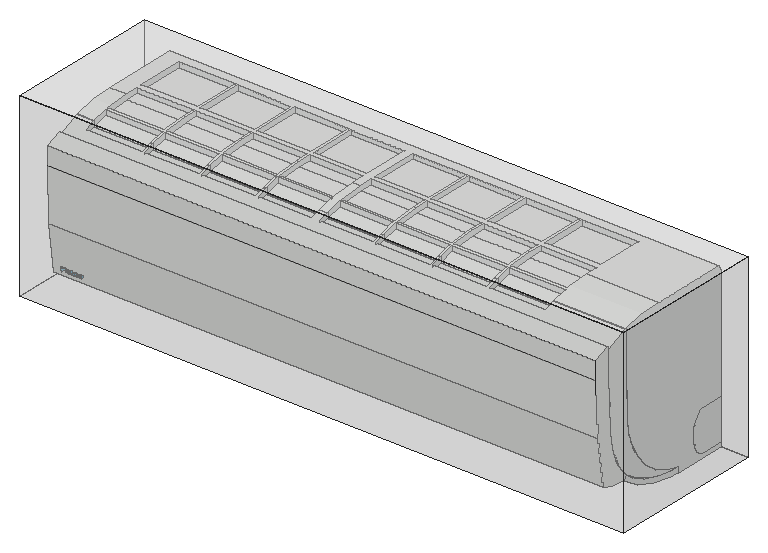
Revit family "outputfile", category 機械設備, Revit 2024
Family settings
  丸型コネクタ寸法 = 半径を使用
  パーツ タイプ = 標準
  OmniClass 番号 = 23.75.10.24.21.27.27
  OmniClass タイトル = Split System Air Conditioning Units
  作業面ベース = いいえ
  常に垂直 = はい
  ロード時にボイドで切り取り = いいえ
  注釈の向きを維持 = いいえ
  共有 = いいえ
  部屋計算ポイント = いいえ
Parameters (values of type "FTKC50TVM4")
  Description = ""
  書き出し IFC クラス(タイプ) = "IfcUnitaryEquipmentType"
  定義済み IFC タイプ(タイプ) = "AIRCONDITIONINGUNIT"
  Cost = 0
  Type Comments = ""
  Keynote = ""
  Type Image = (empty or 0)
  Assembly Code = ""
  w_wall hole = if(Width = 770.0 mm, 48.0 mm, 60.0 mm)  # 60.0 mm
  製造元 = "Daikin"
  モデル = "FTKC50TVM4"
  switch_frequency = yes
  r_Liquid Pipe Size = Liquid Pipe Size / 2  # 3.2 mm
  r_Gas Pipe Size = Gas Pipe Size / 2  # 6.35 mm
  r_Drain Pipe Size = Drain Pipe Size / 2  # 8.0 mm
  lw_powersupply [instance] = if(Width = 770.0 mm, if(or(Rear Right Connection_refrigerant, Bottom Right Connection_refrigerant), 30.0 mm, if(or(Rear Left Connection_refrigerant, Bottom Left Connection_refrigerant), 740.0 mm, 385.0 mm)), if(Width = 990.0 mm, if(or(Rear Right Connection_refrigerant, Bottom Right Connection_refrigerant), 80.0 mm, if(or(Rear Left Connection_refrigerant, Bottom Left Connection_refrigerant), 920.0 mm, 495.0 mm)), if(or(Rear Right Connection_refrigerant, Bottom Right Connection_refrigerant), 80.0 mm, if(or(Rear Left Connection_refrigerant, Bottom Left Connection_refrigerant), 920.0 mm, 495.0 mm))))  # 495.0 mm
  lw_liquidpipe [instance] = if(Width = 770.0 mm, if(or(Rear Right Connection_refrigerant, Bottom Right Connection_refrigerant), 0.0 mm, if(or(Rear Left Connection_refrigerant, Bottom Left Connection_refrigerant), 674.0 mm, 400.0 mm)), if(Width = 990.0 mm, if(or(Rear Right Connection_refrigerant, Bottom Right Connection_refrigerant), 9.0 mm, if(or(Rear Left Connection_refrigerant, Bottom Left Connection_refrigerant), 871.0 mm, 475.0 mm)), if(or(Rear Right Connection_refrigerant, Bottom Right Connection_refrigerant), 9.0 mm, if(or(Rear Left Connection_refrigerant, Bottom Left Connection_refrigerant), 871.0 mm, 475.0 mm))))  # 475.0 mm
  lw_gaspipe [instance] = if(Width = 770.0 mm, if(or(Rear Right Connection_refrigerant, Bottom Right Connection_refrigerant), 0.0 mm, if(or(Rear Left Connection_refrigerant, Bottom Left Connection_refrigerant), 674.0 mm, 350.0 mm)), if(Width = 990.0 mm, if(or(Rear Right Connection_refrigerant, Bottom Right Connection_refrigerant), 0.0 mm, if(or(Rear Left Connection_refrigerant, Bottom Left Connection_refrigerant), 880.0 mm, 400.0 mm)), if(or(Rear Right Connection_refrigerant, Bottom Right Connection_refrigerant), 0.0 mm, if(or(Rear Left Connection_refrigerant, Bottom Left Connection_refrigerant), 880.0 mm, 400.0 mm))))  # 400.0 mm
  lw_drainpipe [instance] = if(Width = 770.0 mm, if(or(Rear Right Connection_refrigerant, Bottom Right Connection_refrigerant), 0.0 mm, if(or(Rear Left Connection_refrigerant, Bottom Left Connection_refrigerant), 674.0 mm, 465.0 mm)), if(Width = 990.0 mm, if(or(Rear Right Connection_refrigerant, Bottom Right Connection_refrigerant), 0.0 mm, if(or(Rear Left Connection_refrigerant, Bottom Left Connection_refrigerant), 880.0 mm, 435.0 mm)), if(or(Rear Right Connection_refrigerant, Bottom Right Connection_refrigerant), 0.0 mm, if(or(Rear Left Connection_refrigerant, Bottom Left Connection_refrigerant), 880.0 mm, 435.0 mm))))  # 435.0 mm
  l_powersupply_length [instance] = if(Width = 770.0 mm, if(Right Connection_refrigerant, 385.0 mm, if(Left Connection_refrigerant, 385.0 mm, if(or(Rear Left Connection_refrigerant, Rear Right Connection_refrigerant), 15.0 mm, 50.0 mm))), if(Width = 990.0 mm, if(Right Connection_refrigerant, 495.0 mm, if(Left Connection_refrigerant, 495.0 mm, if(or(Rear Left Connection_refrigerant, Rear Right Connection_refrigerant), 15.0 mm, 50.0 mm))), if(Right Connection_refrigerant, 495.0 mm, if(Left Connection_refrigerant, 495.0 mm, if(or(Rear Left Connection_refrigerant, Rear Right Connection_refrigerant), 15.0 mm, 50.0 mm)))))  # 495.0 mm
  l_liquidpipe_length [instance] = if(Width = 770.0 mm, if(Right Connection_refrigerant, 448.0 mm, if(Left Connection_refrigerant, 322.0 mm, if(or(Rear Left Connection_refrigerant, Rear Right Connection_refrigerant), 30.0 mm, 40.0 mm))), if(Width = 990.0 mm, if(Right Connection_refrigerant, 535.0 mm, if(Left Connection_refrigerant, 455.0 mm, if(or(Rear Left Connection_refrigerant, Rear Right Connection_refrigerant), 30.0 mm, 40.0 mm))), if(Right Connection_refrigerant, 535.0 mm, if(Left Connection_refrigerant, 455.0 mm, if(or(Rear Left Connection_refrigerant, Rear Right Connection_refrigerant), 30.0 mm, 40.0 mm)))))  # 535.0 mm
  l_gaspipe_length [instance] = if(Width = 770.0 mm, if(Right Connection_refrigerant, 398.0 mm, if(Left Connection_refrigerant, 372.0 mm, if(or(Rear Left Connection_refrigerant, Rear Right Connection_refrigerant), 40.0 mm, 50.0 mm))), if(Width = 990.0 mm, if(Right Connection_refrigerant, 460.0 mm, if(Left Connection_refrigerant, 530.0 mm, if(or(Rear Left Connection_refrigerant, Rear Right Connection_refrigerant), 40.0 mm, 50.0 mm))), if(Right Connection_refrigerant, 460.0 mm, if(Left Connection_refrigerant, 530.0 mm, if(or(Rear Left Connection_refrigerant, Rear Right Connection_refrigerant), 40.0 mm, 50.0 mm)))))  # 460.0 mm
  l_drainpipe_length [instance] = if(Width = 770.0 mm, if(Right Connection_refrigerant, 513.0 mm, if(Left Connection_refrigerant, 257.0 mm, if(or(Rear Left Connection_refrigerant, Rear Right Connection_refrigerant), 15.0 mm, 20.0 mm))), if(Width = 990.0 mm, if(Right Connection_refrigerant, 495.0 mm, if(Left Connection_refrigerant, 495.0 mm, if(or(Rear Left Connection_refrigerant, Rear Right Connection_refrigerant), 15.0 mm, 20.0 mm))), if(Right Connection_refrigerant, 495.0 mm, if(Left Connection_refrigerant, 495.0 mm, if(or(Rear Left Connection_refrigerant, Rear Right Connection_refrigerant), 15.0 mm, 20.0 mm)))))  # 495.0 mm
  h*** = 0.0 mm  # constant formula
  connector_voltage = Voltage_50Hz  # 230 V
  connector_powerinput = [Power Input (Cooling)]  # 0.000 kW
  connector_phase = Phase_50Hz  # 1
  angle_vertical [instance] = if(or(Bottom Left Connection_refrigerant, Bottom Right Connection_refrigerant), 0.00°, 90.00°)  # 90.00°
  angle_horizontal [instance] = if(Right Connection_refrigerant, 90.00°, if(Left Connection_refrigerant, -90.00°, if(or(Rear Left Connection_refrigerant, Rear Right Connection_refrigerant), 180.00°, 0.00°)))  # 90.00°
  Width = 990.0 mm
  Voltage_comment_50Hz = "220 - 240"
  Voltage_50Hz = 230 V
  Version = "ver.1.0"
  Unit Type = "Wall Mounted"
  Unit Mass Weight = 13.00 kg
  Unit Designation [instance] = ""
  Uniclass2015Version = "Products v1.30"
  Uniclass2015Title = "Split coil room air conditioning units"
  Uniclass2015Code = "Pr_70_65_03_86"
  URL = ""
  Total Cooling Capacity [instance] = 0.000 kW
  Sound Pressure Level_M speed (dBA) = 40
  Sound Pressure Level_L speed (dBA) = 35
  Sound Pressure Level_H speed (dBA) = 44
  Sound Power Level_H speed (dB) = 0
  Series = "Single Split_Fan Coil Unit"
  Sensible Cooling Capacity [instance] = 0.000 kW
  Refrigerant Type = "R32"
  Power Input (Cooling) = 0.000 kW
  Phase_50Hz = 1
  Option Accessory 3 [instance] = ""
  Option Accessory 2 [instance] = ""
  Option Accessory 1 [instance] = ""
  Nominal Cooling Capacity = 5.200 kW
  Minimum Circuit Amps_50Hz = 0.0 A
  Minimum Airflow = 612.00 m³/h
  Median Airflow = 852.00 m³/h
  Maximum Fuse Amps_50Hz = 0.0 A
  Maximum Airflow = 1090.00 m³/h
  Material_Casing = DAIKIN_PureWhite_Casing_indoorunit
  Load Classification = HVAC
  Liquid Pipe Size = 6.4 mm
  Link_Nested Family [instance] = ""
  IfcVersion = ""
  IfcExportType = "AIRCONDITIONINGUNIT"
  IfcExportAs = "IfcUnitaryEquipmentType"
  Height = 295.0 mm
  Heat Exchanger Type = "Cross Fin Coil"
  Gas Pipe Size = 12.7 mm
  Frequency_50Hz = 50 Hz
  Fan Type = "Cross Flow Fan"
  Fan Drive = "Direct Drive"
  FCU Tag No. [instance] = ""
  Drain Pipe Size = 16.0 mm
  Design Supply Airflow [instance] = 0.00 m³/h
  Depth = 281.0 mm
  既定の高さ = 0.0 mm
  Cooling Entering Wet Bulb Temperature [instance] = 0.00 °C
  Cooling Entering Dry Bulb Temperature [instance] = 0.00 °C
  Cooling Ambient Wet Bulb Temperature [instance] = 0.00 °C
  Cooling Ambient Dry Bulb Temperature [instance] = 0.00 °C
  Clearance visibility [instance] = yes
  Clearance Top = 30.0 mm
  Clearance Right = 50.0 mm
  Clearance Rear = 0.0 mm
  Clearance Left = 50.0 mm
  Clearance Front = 0.0 mm
  Clearance Bottom = 0.0 mm
  Bottom Right Connection_refrigerant [instance] = no
  Bottom Left Connection_refrigerant [instance] = no
  Rear Right Connection_refrigerant [instance] = no
  Rear Left Connection_refrigerant [instance] = no
  Right Connection_refrigerant [instance] = yes
  Left Connection_refrigerant [instance] = no
Reference planes
  plane 1 "Back": y = 0
  plane 2: z = 0
  plane 3 "Center (Left/Right)": x = 0
  plane 4 "Center (Front/Back)": y = -140.5
  plane 5 "Front": y = -281
  plane 6 "Left": x = -495
  plane 7 "Right": x = 495
  plane 8 "Top": z = 0
  plane 9 "Bottom": z = -295
  plane 10: x = -545
  plane 11: x = 545
  plane 12: y = 0
  plane 13: y = -281
  plane 14: z = 30
  plane 15: z = -295
  plane 16 "lw_Piping and Wiring intake": x = 435
  plane 17 "lw_gaspipe": x = 35
  plane 18 "lw_liquidpipe": x = -40
  plane 19 "lw_drainpipe": x = 0
  plane 20 "lh_drainpipe": z = -275
  plane 21 "lh_liquidpipe": z = -255
  plane 22 "lh_gaspipe": z = -245
  plane 23 "ld_drainpipe": y = -15
  plane 24 "ld_liquidpipe": y = -30
  plane 25 "ld_gaspipe": y = -40
  plane 26 "lw_powersupply": x = 0
Dimensions and locks
  equal spacing: plane 6 "Left", plane 3 "Center (Left/Right)", plane 7 "Right"
  "Width": plane 6 "Left" to plane 7 "Right"
  equal spacing: plane 5 "Front", plane 4 "Center (Front/Back)", plane 1 "Back"
  "Depth": plane 5 "Front" to plane 1 "Back"
  "Height": plane 8 "Top" to plane 9 "Bottom"
  "Clearance Rear": plane 12 to plane 1 "Back"
  "Clearance Front": plane 13 to plane 5 "Front"
  "Clearance Top": plane 14 to plane 8 "Top"
  "Clearance Bottom": plane 9 "Bottom" to plane 15
  "w_wall hole": plane 16 "lw_Piping and Wiring intake" to plane 7 "Right"
  "lw_gaspipe": plane 17 "lw_gaspipe" to plane 16 "lw_Piping and Wiring intake"
  "lw_liquidpipe": plane 18 "lw_liquidpipe" to plane 16 "lw_Piping and Wiring intake"
  "lw_drainpipe": plane 19 "lw_drainpipe" to plane 16 "lw_Piping and Wiring intake"
  locked: plane 20 "lh_drainpipe" to plane 9 "Bottom" at 20
  locked: plane 21 "lh_liquidpipe" to plane 9 "Bottom" at 40
  locked: plane 22 "lh_gaspipe" to plane 9 "Bottom" at 50
  locked: plane 23 "ld_drainpipe" to plane 1 "Back" at 15
  locked: plane 1 "Back" to plane 24 "ld_liquidpipe" at 30
  locked: plane 1 "Back" to plane 25 "ld_gaspipe" at 40
  "lw_powersupply": plane 26 "lw_powersupply" to plane 7 "Right"
  "Clearance Right": plane 7 "Right" to plane 11
  "Clearance Left": plane 10 to plane 6 "Left"
  aligned and locked: level to plane 2
  aligned and locked: plane 12 to nested 1
  aligned and locked: nested 1 to plane 13
  aligned and locked: plane 10 to nested 1
  aligned and locked: plane 11 to nested 1
  aligned and locked: plane 15 to nested 1
  aligned and locked: plane 14 to nested 1
  aligned and locked: plane 17 "lw_gaspipe" to nested 2
  aligned and locked: nested 2 to plane 25 "ld_gaspipe"
  aligned and locked: plane 18 "lw_liquidpipe" to nested 3
  aligned and locked: nested 3 to plane 24 "ld_liquidpipe"
  aligned and locked: plane 19 "lw_drainpipe" to nested 4
  aligned and locked: nested 4 to plane 23 "ld_drainpipe"
  aligned and locked: nested 5 to plane 23 "ld_drainpipe"
  aligned and locked: plane 26 "lw_powersupply" to nested 5
  aligned and locked: level to plane 8 "Top"
  aligned and locked: plane 3 "Center (Left/Right)" to nested 6
  aligned and locked: plane 8 "Top" to nested 6
  aligned and locked: plane 1 "Back" to nested 6
Nested families
  nested 1: "daikin_clearancespace" at (0, -140.5, -132.381), show <- "Clearance visibility", visible <- "Clearance visibility", Link_Nested Family <- "Link_Nested Family", type "daikin_clearancespace"
    with width 1090.0 mm, show yes, height 325.0 mm, depth 281.0 mm, Link_Nested Family ""
  nested 2: "daikin_connector_rotate3" at (35, -40, -245), angle_vertical <- "angle_vertical", angle_horizontal <- "angle_horizontal", length <- "l_gaspipe_length", radius <- "r_Gas Pipe Size", type "daikin_connector_rotate3"
    with show no, radius 6.35 mm, length 460.0 mm, angle_vertical 90.00°, angle_horizontal 90.00°
  nested 3: "daikin_connector_rotate3" at (-40, -30, -255), angle_vertical <- "angle_vertical", angle_horizontal <- "angle_horizontal", radius <- "r_Liquid Pipe Size", length <- "l_liquidpipe_length", type "daikin_connector_rotate3"
    with show no, radius 3.2 mm, length 535.0 mm, angle_vertical 90.00°, angle_horizontal 90.00°
  nested 4: "daikin_connector_rotate3" at (0, -15, -275), angle_vertical <- "angle_vertical", angle_horizontal <- "angle_horizontal", length <- "l_drainpipe_length", radius <- "r_Drain Pipe Size", type "daikin_connector_rotate3"
    with show no, radius 8.0 mm, length 495.0 mm, angle_vertical 90.00°, angle_horizontal 90.00°
  nested 5: "daikin_connector_rotate3" at (0, -15, -245), angle_vertical <- "angle_vertical", angle_horizontal <- "angle_horizontal", length <- "l_powersupply_length", type "daikin_connector_rotate3"
    with show no, radius 10.0 mm, length 495.0 mm, angle_vertical 90.00°, angle_horizontal 90.00°
  nested 6: "DAIKIN_indoorunit_FTKC-TVM4" at (-31, 0, 0), type "FTKC-TVM4"
    with switch_unit1_50-71 yes, switch_unit1_15-35 no, Width 990.0 mm, Height 295.0 mm
Connectors
  piping at (495, -40, -245), diameter 12.7, driven by "r_Gas Pipe Size"
    settings: on nested 2, index 1, connector inside diameter 609.6 mm, connector length 0.0 mm, flow factor 0, pipe flow 0.00 m³/h, pressure drop 0.0 Pa, fitting loss kfactor 0, connector angle 0.00°, fixture units 0, engagement length 0.0 mm, angle of deflection 0.00°, flow configuration 1, flow direction 2, fitting loss method 0, system type 29, joint type 0, gender type 0, connector reference index -1, connector utility 0, adjustable connector no, is connector primary yes, connector description "Refrigerant Gas Piping"
  piping at (495, -30, -255), diameter 6.4, driven by "r_Liquid Pipe Size"
    settings: on nested 3, index 2, connector inside diameter 609.6 mm, connector length 0.0 mm, flow factor 0, pipe flow 0.00 m³/h, pressure drop 0.0 Pa, fitting loss kfactor 0, connector angle 0.00°, fixture units 0, engagement length 0.0 mm, angle of deflection 0.00°, flow configuration 1, flow direction 1, fitting loss method 0, system type 29, joint type 0, gender type 0, connector reference index -1, connector utility 0, adjustable connector no, is connector primary no, connector description "Refrigerant Liquid Piping"
  piping at (495, -15, -275), diameter 16, driven by "r_Drain Pipe Size"
    settings: on nested 4, index 3, connector inside diameter 609.6 mm, connector length 0.0 mm, flow factor 0, pipe flow 0.00 m³/h, pressure drop 0.0 Pa, fitting loss kfactor 0, connector angle 0.00°, fixture units 0, engagement length 0.0 mm, angle of deflection 0.00°, flow configuration 1, flow direction 2, fitting loss method 4, system type 16, joint type 0, gender type 0, connector reference index -1, connector utility 0, adjustable connector no, is connector primary no, connector description "Condensate Drain Piping"
  electrical at (495, -15, -245), driven by "Load Classification", driven by "connector_voltage", driven by "connector_powerinput", driven by "connector_phase"
    settings: on nested 5, index 4, voltage 230 V, apparent load 0 VA, apparent load phase1 0 VA, apparent load phase2 0 VA, apparent load phase3 0 VA, power factor 1, load classification "HVAC", number of poles 1, system type 30, power factor state 1, is connector primary yes, connector utility no, sub classification motor no, connector description "Power Supply"
Definition of nested family "daikin_clearancespace"
  Parameters (values of type "daikin_clearancespace")
    Description = "daikin_clearancespace"
    width [instance] = 1823.963 mm
    show [instance] = yes
    material = none
    height [instance] = 1359.762 mm
    depth [instance] = 880.0 mm
    Default Elevation = 0.0 mm
    Link_Nested Family [instance] = ""
  Reference planes
    plane 1 "Center (Front/Back)": y = 0
    plane 2 "Center (Elevation)": z = -0.119
    plane 3 "Center (Left/Right)": x = 0
    plane 4: y = 440
    plane 5: y = -440
    plane 6 "Right": x = 911.982
    plane 7 "Left": x = -911.982
    plane 8 "Top": z = 679.762
    plane 9 "Bottom": z = -680
  Forms (mm)
    Extrusion 1, solid, material <- "material", visible <- "show"
      sketch origin (0, 0, 0) x (1, 0, 0) y (0, 1, 0)
        loop
          line (-911.982, 440) -> (-911.982, -440) -> (911.982, -440) -> (911.982, 440) -> (-911.982, 440)
      from -680 to 679.762
  Lines and regions (mm)
    symbolic lines, visible <- "show"
      curve 1: line (911.982, 440, 0) -> (-911.982, 440, 0)
      curve 2: line (-911.982, 440, 0) -> (-911.982, -440, 0)
      curve 3: line (-911.982, -440, 0) -> (911.982, -440, 0)
      curve 4: line (911.982, -440, 0) -> (911.982, 440, 0)
      curve 5: line (911.982, 0, 679.762) -> (-911.982, 0, 679.762)
      curve 6: line (911.982, 0, -680) -> (911.982, 0, 679.762)
      curve 7: line (-911.982, 0, -680) -> (911.982, 0, -680)
      curve 8: line (-911.982, 0, 679.762) -> (-911.982, 0, -680)
      curve 9: line (0, 440, 679.762) -> (0, -440, 679.762)
      curve 10: line (0, -440, 679.762) -> (0, -440, -680)
      curve 11: line (0, 440, -680) -> (0, 440, 679.762)
      curve 12: line (0, -440, -680) -> (0, 440, -680)
  Dimensions and locks
    "width": plane 7 "Left" to plane 6 "Right"
    "depth": plane 4 to plane 5
    "height": plane 8 "Top" to plane 9 "Bottom"
    equal spacing: plane 7 "Left", plane 3 "Center (Left/Right)", plane 6 "Right"
    equal spacing: plane 4, plane 1 "Center (Front/Back)", plane 5
    equal spacing: plane 8 "Top", plane 2 "Center (Elevation)", plane 9 "Bottom"
    aligned and locked: level to plane 2 "Center (Elevation)"
    aligned and locked: Extrusion 1 sketch curve to plane 4
    aligned and locked: plane 7 "Left" to Extrusion 1 sketch curve
    aligned and locked: Extrusion 1 sketch curve to plane 5
    aligned and locked: Extrusion 1 sketch curve to plane 6 "Right"
    aligned and locked: plane 8 "Top" to Extrusion 1
    aligned and locked: curve 1 to Extrusion 1
    aligned and locked: curve 2 to Extrusion 1
    aligned and locked: curve 3 to Extrusion 1
    aligned and locked: curve 4 to Extrusion 1
    aligned and locked: curve 5 to Extrusion 1
    aligned and locked: curve 6 to Extrusion 1
    aligned and locked: curve 7 to Extrusion 1
    aligned and locked: curve 8 to Extrusion 1
    aligned and locked: curve 9 to Extrusion 1
    aligned and locked: curve 10 to Extrusion 1
    aligned and locked: curve 11 to Extrusion 1
    aligned and locked: curve 12 to Extrusion 1
    aligned and locked: Extrusion 1 to plane 9 "Bottom"
Definition of nested family "DAIKIN_indoorunit_FTKC-TVM4"
  Parameters (values of type "FTKC-TVM4")
    switch_unit1_50-71 = Width = 990.0 mm  # no
    switch_unit1_15-35 = Width = 770.0 mm  # yes
    Width = 770.0 mm
    Material_Casing = none
    Height = if(Width = 770.0 mm, 285.0 mm, 295.0 mm)  # 285.0 mm
    Default Elevation = 0.0 mm
  Reference planes
    plane 1 "Center (Front/Back)": y = 0
    plane 2 "reference_level": z = 0
    plane 3 "Center (Left/Right)": x = 31
    plane 4: x = -354
    plane 5: x = 416
    plane 6: y = -242
    plane 7: z = -285
    plane 8: x = -464
    plane 9: x = 526
    plane 10: y = -281
    plane 11: z = -295
  Forms (mm)
    Extrusion 1, solid, material <- "Material_Casing", visible <- "switch_unit1_15-35"
      sketch origin (31, 0, 0) x (0, 1, 0) y (0, 0, 1)
        loop
          line (-181.516, -252.416) -> (-177.432, -245.341)
          arc (-177.432, -245.341) -> (-187.602, -234.721) -> (-196.157, -222.761) r 103
          arc (-196.157, -222.761) -> (-204.858, -204.875) -> (-209.959, -185.65) r 103
          arc (-209.959, -185.65) -> (-211.672, -172.918) -> (-212.646, -160.108) r 222
          arc (-212.646, -160.108) -> (-214.738, -92.842) -> (-214.74, -25.543) r 2166.704
          line (-214.74, -25.543) -> (-242, -36.1) -> (-242, -144.253)
          arc (-242, -144.253) -> (-238.127, -195.07) -> (-226.597, -244.714) r 335.315
          arc (-226.597, -244.714) -> (-218.704, -249.531) -> (-209.718, -251.715) r 30
          arc (-209.718, -251.715) -> (-195.628, -252.481) -> (-181.516, -252.416) r 239.767
      from -385 to 385
    Extrusion 2, solid, material <- "Material_Casing", visible <- "switch_unit1_15-35"
      sketch origin (31, 0, 0) x (0, 1, 0) y (0, 0, 1)
        loop
          line (0, -8.5) -> (-113.618, -8.5)
          arc (-113.618, -8.5) -> (-146.846, -12.967) -> (-179.138, -21.983) r 242
          arc (-179.138, -21.983) -> (-179.047, -97.761) -> (-175.674, -173.465) r 1749.053
          arc (-175.674, -173.465) -> (-151.972, -235.488) -> (-97.504, -273.461) r 112.896
          line (-97.504, -273.461) -> (-97.504, -283.03)
          arc (-97.504, -283.03) -> (-89.849, -284.138) -> (-82.162, -285) r 240
          line (-82.162, -285) -> (0, -285) -> (0, -8.5)
      from -385 to 385
    Extrusion 3, solid, material <- "Material_Casing", visible <- "switch_unit1_15-35"
      sketch origin (31, 0, 0) x (0, 1, 0) y (0, 0, 1)
        loop
          arc (-98, 0) -> (-139.118, -3.405) -> (-179.116, -13.525) r 250
          arc (-179.116, -13.525) -> (-179.134, -17.754) -> (-179.138, -21.983) r 1232.815
          arc (-179.138, -21.983) -> (-146.846, -12.967) -> (-113.618, -8.5) r 242
          line (-113.618, -8.5) -> (0, -8.5) -> (-5, 0) -> (-98, 0)
      from -385 to 385
    Extrusion 4, solid, material <- "Material_Casing", visible <- "switch_unit1_15-35"
      sketch origin (31, 0, 0) x (0, 1, 0) y (0, 0, 1)
        loop
          arc (-179.116, -13.525) -> (-196.73, -20.321) -> (-213.781, -28.427) r 250
          arc (-213.781, -28.427) -> (-213.841, -32.971) -> (-213.891, -37.516) r 2163.952
          arc (-213.891, -37.516) -> (-196.821, -29.065) -> (-179.138, -21.983) r 242
          arc (-179.138, -21.983) -> (-179.134, -17.754) -> (-179.116, -13.525) r 1232.815
      from -385 to 385
    Extrusion 5, solid, material <- "Material_Casing", visible <- "switch_unit1_15-35"
      sketch origin (31, 0, 0) x (0, 1, 0) y (0, 0, 1)
        loop
          arc (-179.138, -21.983) -> (-196.821, -29.065) -> (-213.891, -37.516) r 242
          arc (-213.891, -37.516) -> (-213.638, -98.737) -> (-211.653, -159.927) r 2163.952
          arc (-211.653, -159.927) -> (-210.685, -172.747) -> (-208.973, -185.489) r 221
          arc (-208.973, -185.489) -> (-197.132, -219.133) -> (-174.432, -246.644) r 102
          arc (-174.432, -246.644) -> (-137.432, -263.767) -> (-98, -274.128) r 231.303
          line (-98, -274.128) -> (-98, -273.301)
          arc (-98, -273.301) -> (-152.132, -235.283) -> (-175.674, -173.465) r 112.896
          arc (-175.674, -173.465) -> (-179.047, -97.761) -> (-179.138, -21.983) r 1749.053
      from -385 to 385
    Extrusion 6, solid, material <- "Material_Casing", visible <- "switch_unit1_15-35"
      sketch origin (31, 0, 0) x (0, 1, 0) y (0, 0, 1)
        loop
          arc (-99, -274.668) -> (-139.156, -263.909) -> (-176.747, -246.156) r 232
          line (-176.747, -246.156) -> (-180.748, -253.084)
          arc (-180.748, -253.084) -> (-141.23, -271.668) -> (-99, -282.784) r 240
          line (-99, -282.784) -> (-99, -274.668)
      from 334 to 385
    Extrusion 7, solid, material <- "Material_Casing", visible <- "switch_unit1_15-35"
      sketch origin (31, 0, 0) x (0, 1, 0) y (0, 0, 1)
        loop
          arc (-99, -274.668) -> (-139.156, -263.909) -> (-176.747, -246.156) r 232
          line (-176.747, -246.156) -> (-180.748, -253.084)
          arc (-180.748, -253.084) -> (-141.23, -271.668) -> (-99, -282.784) r 240
          line (-99, -282.784) -> (-99, -274.668)
      from 267 to 333
    Extrusion 8, solid, material <- "Material_Casing", visible <- "switch_unit1_15-35"
      sketch origin (31, 0, 0) x (0, 1, 0) y (0, 0, 1)
        loop
          arc (-99, -274.668) -> (-139.156, -263.909) -> (-176.747, -246.156) r 232
          line (-176.747, -246.156) -> (-180.748, -253.084)
          arc (-180.748, -253.084) -> (-141.23, -271.668) -> (-99, -282.784) r 240
          line (-99, -282.784) -> (-99, -274.668)
      from -385 to -338.5
    Extrusion 9, solid, material <- "Material_Casing", visible <- "switch_unit1_15-35"
      sketch origin (31, 0, 0) x (0, 1, 0) y (0, 0, 1)
        loop
          arc (-118.787, -270.332) -> (-148.589, -260.214) -> (-176.747, -246.156) r 232
          line (-176.747, -246.156) -> (-180.748, -253.084)
          arc (-180.748, -253.084) -> (-152.638, -267.191) -> (-122.926, -277.5) r 240
          line (-122.926, -277.5) -> (-118.787, -270.332)
      from -335.5 to 264.6
    Extrusion 10, solid, material <- "Material_Casing", visible <- "switch_unit1_15-35"
      sketch origin (31, 0, 0) x (0, 1, 0) y (0, 0, 1)
        loop
          line (0, -276.246) -> (0, -216.246) -> (-30, -216.246)
          arc (-30, -216.246) -> (-44.142, -222.104) -> (-50, -236.246) r 20
          line (-50, -236.246) -> (-50, -256.246)
          arc (-50, -256.246) -> (-44.142, -270.388) -> (-30, -276.246) r 20
          line (-30, -276.246) -> (0, -276.246)
      from 380 to 385
    Extrusion 11, solid, material <- "Material_Casing", visible <- "switch_unit1_15-35"
      sketch origin (-734, 0, 0) x (0, 1, 0) y (0, 0, 1)
        loop
          line (0, -276.246) -> (0, -216.246) -> (-30, -216.246)
          arc (-30, -216.246) -> (-44.142, -222.104) -> (-50, -236.246) r 20
          line (-50, -236.246) -> (-50, -256.246)
          arc (-50, -256.246) -> (-44.142, -270.388) -> (-30, -276.246) r 20
          line (-30, -276.246) -> (0, -276.246)
      from 380 to 385
    Extrusion 12, solid, material <- "Material_Casing", visible <- "switch_unit1_15-35"
      sketch origin (4267.2, -957.059, -285) x (0, -1, 0) y (1, 0, 0)
        loop
          line (-957.059, -4610.2) -> (-927.059, -4610.2)
          arc (-927.059, -4610.2) -> (-912.917, -4604.342) -> (-907.059, -4590.2) r 20
          line (-907.059, -4590.2) -> (-907.059, -4570.2)
          arc (-907.059, -4570.2) -> (-912.917, -4556.058) -> (-927.059, -4550.2) r 20
          line (-927.059, -4550.2) -> (-957.059, -4550.2) -> (-957.059, -4610.2)
        loop
          line (-957.059, -3922.2) -> (-927.059, -3922.2)
          arc (-927.059, -3922.2) -> (-912.917, -3916.342) -> (-907.059, -3902.2) r 20
          line (-907.059, -3902.2) -> (-907.059, -3882.2)
          arc (-907.059, -3882.2) -> (-912.917, -3868.058) -> (-927.059, -3862.2) r 20
          line (-927.059, -3862.2) -> (-957.059, -3862.2) -> (-957.059, -3922.2)
      from 0 to 5
    Extrusion 13, solid, material <- "Material_Casing", visible <- "switch_unit1_15-35"
      sketch origin (0, 0, 0) x (1, 0, 0) y (0, 0, 1)
        loop
          circle (-306, -240.5) r 32.5
        loop
          circle (368, -240.5) r 32.5
      from 0 to 5
    Extrusion 14, void
      sketch origin (0, 0, 0) x (1, 0, 0) y (0, 1, 0)
        loop
          line (-324.5, -23.5) -> (-324.5, -100) -> (-221, -100) -> (-221, -23.5) -> (-324.5, -23.5)
        loop
          line (-324.5, -102) -> (-324.5, -180.5) -> (-221, -180.5) -> (-221, -102) -> (-324.5, -102)
        loop
          line (-221, -181.5) -> (-324.5, -181.5) -> (-324.5, -210) -> (-221, -210) -> (-221, -181.5)
        loop
          line (-219, -23.5) -> (-219, -100) -> (-120, -100) -> (-120, -23.5) -> (-219, -23.5)
        loop
          line (-219, -102) -> (-219, -180.5) -> (-120, -180.5) -> (-120, -102) -> (-219, -102)
        loop
          line (-120, -181.5) -> (-219, -181.5) -> (-219, -210) -> (-120, -210) -> (-120, -181.5)
        loop
          line (92, -23.5) -> (92, -100) -> (191, -100) -> (191, -23.5) -> (92, -23.5)
        loop
          line (92, -102) -> (92, -180.5) -> (191, -180.5) -> (191, -102) -> (92, -102)
        loop
          line (191, -181.5) -> (92, -181.5) -> (92, -210) -> (191, -210) -> (191, -181.5)
        loop
          line (193, -23.5) -> (193, -100) -> (296.5, -100) -> (296.5, -23.5) -> (193, -23.5)
        loop
          line (193, -102) -> (193, -180.5) -> (296.5, -180.5) -> (296.5, -102) -> (193, -102)
        loop
          line (296.5, -181.5) -> (193, -181.5) -> (193, -210) -> (296.5, -210) -> (296.5, -181.5)
        loop
          line (-118, -23.5) -> (-118, -100) -> (90, -100) -> (90, -23.5) -> (-118, -23.5)
        loop
          line (-118, -102) -> (-118, -180.5) -> (90, -180.5) -> (90, -102) -> (-118, -102)
        loop
          line (-118, -181.5) -> (-118, -210) -> (90, -210) -> (90, -181.5) -> (-118, -181.5)
      from -45.568 to 39.59
    Extrusion 15, solid, material <- "Material_Casing", visible <- "switch_unit1_50-71"
      sketch origin (31, 0, 0) x (0, 1, 0) y (0, 0, 1)
        loop
          line (-219.505, -253.208) -> (-214.063, -245.993)
          arc (-214.063, -245.993) -> (-226.305, -232.688) -> (-235.972, -217.41) r 100.737
          arc (-235.972, -217.41) -> (-246.359, -189.681) -> (-251.069, -160.448) r 149.292
          arc (-251.069, -160.448) -> (-253.267, -112.746) -> (-254, -65) r 1555.387
          line (-254, -65) -> (-254, -22.209) -> (-280.96, -32.522) -> (-281, -65.309)
          arc (-281, -65.309) -> (-280.275, -112.896) -> (-278.119, -160.439) r 1582.495
          arc (-278.119, -160.439) -> (-274.11, -202.042) -> (-267, -243.228) r 558.201
          arc (-267, -243.228) -> (-249.058, -250.67) -> (-229.801, -253.208) r 74.313
          line (-229.801, -253.208) -> (-219.505, -253.208)
      from -495 to 495
    Extrusion 16, solid, material <- "Material_Casing", visible <- "switch_unit1_50-71"
      sketch origin (31, 0, 0) x (0, 1, 0) y (0, 0, 1)
        loop
          arc (-100.5, -284.747) -> (-179.919, -239.801) -> (-212.343, -154.5) r 134.438
          arc (-212.343, -154.5) -> (-213.586, -109.758) -> (-214, -65) r 2418.229
          line (-214, -65) -> (-214, -20.481)
          arc (-214, -20.481) -> (-233.83, -27.507) -> (-253, -36.176) r 250
          line (-253, -36.176) -> (-253, -65)
          arc (-253, -65) -> (-252.267, -112.716) -> (-250.07, -160.386) r 1554.382
          arc (-250.07, -160.386) -> (-245.365, -189.53) -> (-234.983, -217.165) r 148.387
          arc (-234.983, -217.165) -> (-218.057, -240.73) -> (-195.079, -258.444) r 100
          arc (-195.079, -258.444) -> (-149.468, -277.868) -> (-100.5, -285.595) r 201.939
          line (-100.5, -285.595) -> (-100.5, -284.747)
      from -495 to 495
    Extrusion 17, solid, material <- "Material_Casing", visible <- "switch_unit1_50-71"
      sketch origin (31, 0, 0) x (0, 1, 0) y (0, 0, 1)
        loop
          arc (-214, -65) -> (-213.586, -109.758) -> (-212.343, -154.5) r 2418.229
          arc (-212.343, -154.5) -> (-178.254, -241.703) -> (-95.5, -285.502) r 134.438
          line (-95.5, -285.502) -> (-95.5, -295) -> (0, -295) -> (0, -9) -> (-140.5, -9)
          arc (-140.5, -9) -> (-177.696, -11.888) -> (-214, -20.481) r 241
          line (-214, -20.481) -> (-214, -65)
      from -495 to 495
    Extrusion 18, solid, material <- "Material_Casing", visible <- "switch_unit1_50-71"
      sketch origin (31, 0, 0) x (0, 1, 0) y (0, 0, 1)
        loop
          line (-213.317, -246.664) -> (-219.196, -254.466)
          arc (-219.196, -254.466) -> (-168.535, -282.168) -> (-112.23, -294.964) r 209.168
          arc (-112.23, -294.964) -> (-111.806, -294.991) -> (-111.381, -295) r 10
          line (-111.381, -295) -> (-96.5, -295) -> (-96.5, -286) -> (-111.136, -286)
          arc (-111.136, -286) -> (-154.838, -277.36) -> (-195.568, -259.316) r 201.22
          arc (-195.568, -259.316) -> (-204.785, -253.47) -> (-213.317, -246.664) r 101
      from 445 to 495
    Extrusion 19, solid, material <- "Material_Casing", visible <- "switch_unit1_50-71"
      sketch origin (-464, 2327.908, 1200) x (0, 1, 0) y (0, 0, 1)
        loop
          line (-2541.225, -1446.664) -> (-2547.104, -1454.466)
          arc (-2547.104, -1454.466) -> (-2496.443, -1482.168) -> (-2440.138, -1494.964) r 209.168
          arc (-2440.138, -1494.964) -> (-2439.714, -1494.991) -> (-2439.289, -1495) r 10
          line (-2439.289, -1495) -> (-2424.408, -1495) -> (-2424.408, -1486) -> (-2439.044, -1486)
          arc (-2439.044, -1486) -> (-2482.746, -1477.36) -> (-2523.476, -1459.316) r 201.22
          arc (-2523.476, -1459.316) -> (-2532.693, -1453.47) -> (-2541.225, -1446.664) r 101
      from 0 to 45
    Extrusion 20, solid, material <- "Material_Casing", visible <- "switch_unit1_50-71"
      sketch origin (31, 0, 0) x (0, 1, 0) y (0, 0, 1)
        loop
          line (-213.317, -246.664) -> (-219.196, -254.466)
          arc (-219.196, -254.466) -> (-168.535, -282.168) -> (-112.23, -294.964) r 209.168
          arc (-112.23, -294.964) -> (-111.806, -294.991) -> (-111.381, -295) r 10
          line (-111.381, -295) -> (-96.5, -295) -> (-96.5, -286) -> (-111.136, -286)
          arc (-111.136, -286) -> (-154.838, -277.36) -> (-195.568, -259.316) r 201.22
          arc (-195.568, -259.316) -> (-204.785, -253.47) -> (-213.317, -246.664) r 101
      from 348 to 444
    Extrusion 21, solid, material <- "Material_Casing", visible <- "switch_unit1_50-71"
      sketch origin (31, 0, 0) x (0, 1, 0) y (0, 0, 1)
        loop
          line (-213.317, -246.664) -> (-219.196, -254.466)
          arc (-219.196, -254.466) -> (-180.878, -277.039) -> (-138.653, -291) r 209.168
          line (-138.653, -291) -> (-132.632, -283.01)
          arc (-132.632, -283.01) -> (-165.097, -273.811) -> (-195.568, -259.316) r 201.22
          arc (-195.568, -259.316) -> (-204.785, -253.47) -> (-213.317, -246.664) r 101
      from -442 to 343
    Extrusion 22, solid, material <- "Material_Casing", visible <- "switch_unit1_50-71"
      sketch origin (31, 0, 0) x (0, 1, 0) y (0, 0, 1)
        loop
          arc (-214, -11.049) -> (-233.83, -18.074) -> (-253, -26.743) r 250
          line (-253, -26.743) -> (-253, -36.176)
          arc (-253, -36.176) -> (-233.83, -27.507) -> (-214, -20.481) r 250
          line (-214, -20.481) -> (-214, -11.049)
      from -495 to 495
    Extrusion 23, solid, material <- "Material_Casing", visible <- "switch_unit1_50-71"
      sketch origin (31, 0, 0) x (0, 1, 0) y (0, 0, 1)
        loop
          arc (-140.5, 0) -> (-177.663, -2.778) -> (-214, -11.049) r 250
          line (-214, -11.049) -> (-214, -20.481)
          arc (-214, -20.481) -> (-177.696, -11.888) -> (-140.5, -9) r 241
          line (-140.5, -9) -> (0, -9) -> (-5, 0) -> (-140.5, 0)
      from -495 to 495
    Extrusion 24, void
      sketch origin (0, 0, 0) x (1, 0, 0) y (0, 1, 0)
        loop
          line (-434, -22.7) -> (-434, -107.9) -> (-332, -107.9) -> (-332, -22.7) -> (-434, -22.7)
        loop
          line (-332, -116.9) -> (-434, -116.9) -> (-434, -183.4) -> (-332, -183.4) -> (-332, -116.9)
        loop
          line (-332, -187.9) -> (-434, -187.9) -> (-434, -231.9) -> (-332, -231.9) -> (-332, -187.9)
        loop
          line (-327.8, -22.7) -> (-327.8, -107.9) -> (-229.6, -107.9) -> (-229.6, -22.7) -> (-327.8, -22.7)
        loop
          line (-229.6, -116.9) -> (-327.8, -116.9) -> (-327.8, -183.4) -> (-229.6, -183.4) -> (-229.6, -116.9)
        loop
          line (-229.6, -187.9) -> (-327.8, -187.9) -> (-327.8, -231.9) -> (-229.6, -231.9) -> (-229.6, -187.9)
        loop
          line (-225.4, -22.7) -> (-225.4, -107.9) -> (-127.2, -107.9) -> (-127.2, -22.7) -> (-225.4, -22.7)
        loop
          line (-127.2, -116.9) -> (-225.4, -116.9) -> (-225.4, -183.4) -> (-127.2, -183.4) -> (-127.2, -116.9)
        loop
          line (-127.2, -187.9) -> (-225.4, -187.9) -> (-225.4, -231.9) -> (-127.2, -231.9) -> (-127.2, -187.9)
        loop
          line (-123, -22.7) -> (-123, -107.9) -> (-26, -107.9) -> (-26, -22.7) -> (-123, -22.7)
        loop
          line (-26, -116.9) -> (-123, -116.9) -> (-123, -183.4) -> (-26, -183.4) -> (-26, -116.9)
        loop
          line (-26, -187.9) -> (-123, -187.9) -> (-123, -231.9) -> (-26, -231.9) -> (-26, -187.9)
        loop
          line (396, -22.7) -> (294, -22.7) -> (294, -107.9) -> (396, -107.9) -> (396, -22.7)
        loop
          line (294, -116.9) -> (294, -183.4) -> (396, -183.4) -> (396, -116.9) -> (294, -116.9)
        loop
          line (294, -187.9) -> (294, -231.9) -> (396, -231.9) -> (396, -187.9) -> (294, -187.9)
        loop
          line (289.8, -22.7) -> (191.6, -22.7) -> (191.6, -107.9) -> (289.8, -107.9) -> (289.8, -22.7)
        loop
          line (191.6, -116.9) -> (191.6, -183.4) -> (289.8, -183.4) -> (289.8, -116.9) -> (191.6, -116.9)
        loop
          line (191.6, -187.9) -> (191.6, -231.9) -> (289.8, -231.9) -> (289.8, -187.9) -> (191.6, -187.9)
        loop
          line (187.4, -22.7) -> (89.2, -22.7) -> (89.2, -107.9) -> (187.4, -107.9) -> (187.4, -22.7)
        loop
          line (89.2, -116.9) -> (89.2, -183.4) -> (187.4, -183.4) -> (187.4, -116.9) -> (89.2, -116.9)
        loop
          line (89.2, -187.9) -> (89.2, -231.9) -> (187.4, -231.9) -> (187.4, -187.9) -> (89.2, -187.9)
        loop
          line (85, -22.7) -> (-12, -22.7) -> (-12, -107.9) -> (85, -107.9) -> (85, -22.7)
        loop
          line (-12, -116.9) -> (-12, -183.4) -> (85, -183.4) -> (85, -116.9) -> (-12, -116.9)
        loop
          line (-12, -187.9) -> (-12, -231.9) -> (85, -231.9) -> (85, -187.9) -> (-12, -187.9)
      from -47.376 to 34.635
    Extrusion 25, solid, material <- "Material_Casing", visible <- "switch_unit1_50-71"
      sketch origin (31, 0, 0) x (0, 1, 0) y (0, 0, 1)
        loop
          line (0, -287) -> (0, -214.4) -> (-35.8, -214.4)
          arc (-35.8, -214.4) -> (-52.771, -221.429) -> (-59.8, -238.4) r 24
          line (-59.8, -238.4) -> (-59.8, -263)
          arc (-59.8, -263) -> (-52.771, -279.971) -> (-35.8, -287) r 24
          line (-35.8, -287) -> (0, -287)
      from 490 to 495
    Extrusion 26, solid, material <- "Material_Casing", visible <- "switch_unit1_50-71"
      sketch origin (-954, 0, 0) x (0, 1, 0) y (0, 0, 1)
        loop
          line (0, -287) -> (0, -214.4) -> (-35.8, -214.4)
          arc (-35.8, -214.4) -> (-52.771, -221.429) -> (-59.8, -238.4) r 24
          line (-59.8, -238.4) -> (-59.8, -263)
          arc (-59.8, -263) -> (-52.771, -279.971) -> (-35.8, -287) r 24
          line (-35.8, -287) -> (0, -287)
      from 490 to 495
    Extrusion 27, solid, material <- "Material_Casing", visible <- "switch_unit1_50-71"
      sketch origin (0, 0, 0) x (1, 0, 0) y (0, 0, 1)
        loop
          circle (-416, -250.5) r 40
        loop
          circle (466, -250.5) r 40
      from 0 to 5
    Extrusion 28, solid, material <- "Material_Casing", visible <- "switch_unit1_50-71"
      sketch origin (4267.2, -957.059, -295) x (0, -1, 0) y (1, 0, 0)
        loop
          line (-957.059, -4705) -> (-921.259, -4705)
          arc (-921.259, -4705) -> (-904.289, -4697.971) -> (-897.259, -4681) r 24
          line (-897.259, -4681) -> (-897.259, -4656.4)
          arc (-897.259, -4656.4) -> (-904.289, -4639.429) -> (-921.259, -4632.4) r 24
          line (-921.259, -4632.4) -> (-957.059, -4632.4) -> (-957.059, -4705)
        loop
          line (-957.059, -3840) -> (-921.259, -3840)
          arc (-921.259, -3840) -> (-904.289, -3832.971) -> (-897.259, -3816) r 24
          line (-897.259, -3816) -> (-897.259, -3791.4)
          arc (-897.259, -3791.4) -> (-904.289, -3774.429) -> (-921.259, -3767.4) r 24
          line (-921.259, -3767.4) -> (-957.059, -3767.4) -> (-957.059, -3840)
      from 0 to 5
  Cuts and joins
    Extrusion 14 cuts Extrusion 4
    Extrusion 14 cuts Extrusion 3
    Extrusion 24 cuts Extrusion 22
    joined: Extrusion 16, Extrusion 22
    Extrusion 24 cuts Extrusion 23
    joined: Extrusion 17, Extrusion 23
  Dimensions and locks
    plane 4 to plane 5 = 770.0 mm
    equal spacing: plane 4, plane 3 "Center (Left/Right)", plane 5
    plane 6 to plane 1 "Center (Front/Back)" = 242.0 mm
    level to plane 7 = 285.0 mm
    locked: Extrusion 13 sketch curve to plane 4 at 48
    locked: plane 5 to Extrusion 13 sketch curve at 48
    locked: Extrusion 13 sketch curve to plane 7 at 44.5  (x2)
    locked: nested 1 to plane 4 at 15
    plane 8 to plane 9 = 990.0 mm
    equal spacing: plane 8, plane 3 "Center (Left/Right)", plane 9
    plane 10 to plane 1 "Center (Front/Back)" = 281.0 mm
    plane 2 "reference_level" to plane 11 = 295.0 mm
    locked: nested 2 to plane 8 at 15
    radius of Extrusion 13 sketch curve = 32.5 mm  (x2)
    radius of Extrusion 27 sketch curve = 40.0 mm  (x2)
    aligned and locked: level to plane 2 "reference_level"
  Automatic sketch dimensions
    Extrusion 1 sketch curve to Extrusion 1 sketch curve = 0.0 mm  (x2)
    Extrusion 1 sketch curve to plane 6 = 0.0 mm
    Extrusion 1 sketch curve to plane 6 = 27.26 mm
    Extrusion 1 sketch curve to plane 6 = 34.79 mm
    Extrusion 1 sketch curve to level = 12.788 mm
    Extrusion 1 sketch curve to Extrusion 1 sketch curve = 25.072 mm
    Extrusion 1 sketch curve to Extrusion 1 sketch curve = 25.693 mm
    Extrusion 1 sketch curve to Extrusion 1 sketch curve = 4.085 mm
    Extrusion 1 sketch curve to Extrusion 1 sketch curve = 69.113 mm
    Extrusion 1 sketch curve to plane 1 "Center (Front/Back)" = 9.11 mm
    Extrusion 1 sketch curve to Extrusion 1 sketch curve = 84.204 mm
    Extrusion 1 sketch curve to level = 59.12 mm
    Extrusion 1 sketch curve to Extrusion 1 sketch curve = 1858.389 mm
    plane 7 to Extrusion 1 sketch curve = 140.747 mm
    Extrusion 1 sketch curve to Extrusion 1 sketch curve = 5.448 mm
    Extrusion 1 sketch curve to Extrusion 1 sketch curve = 19.271 mm
    plane 7 to Extrusion 1 sketch curve = 63.18 mm
    Extrusion 1 sketch curve to Extrusion 1 sketch curve = 23.521 mm
    Extrusion 1 sketch curve to Extrusion 1 sketch curve = 7.075 mm
    Extrusion 1 sketch curve to level = 36.1 mm
    Extrusion 1 sketch curve to level = 25.543 mm
    Extrusion 1 sketch curve to plane 6 = 15.403 mm
    Extrusion 1 sketch curve to Extrusion 1 sketch curve = 2.686 mm
    Extrusion 1 sketch curve to Extrusion 1 sketch curve = 11.052 mm
    Extrusion 2 sketch curve to plane 7 = 0.0 mm
    Extrusion 2 sketch curve to plane 1 "Center (Front/Back)" = 0.0 mm
    plane 1 "Center (Front/Back)" to Extrusion 2 sketch curve = 59.278 mm
    plane 1 "Center (Front/Back)" to Extrusion 2 sketch curve = 63.028 mm
    Extrusion 2 sketch curve to Extrusion 2 sketch curve = 82.162 mm
    plane 7 to Extrusion 2 sketch curve = 1.97 mm
    Extrusion 2 sketch curve to Extrusion 2 sketch curve = 15.342 mm
    plane 7 to Extrusion 2 sketch curve = 11.539 mm
    Extrusion 2 sketch curve to Extrusion 2 sketch curve = 0.0 mm
    Extrusion 2 sketch curve to Extrusion 2 sketch curve = 0.565 mm
    Extrusion 2 sketch curve to level = 8.5 mm
    Extrusion 2 sketch curve to Extrusion 2 sketch curve = 54.34 mm
    Extrusion 2 sketch curve to level = 57.766 mm
    Extrusion 2 sketch curve to plane 1 "Center (Front/Back)" = 1569.548 mm
    Extrusion 2 sketch curve to Extrusion 2 sketch curve = 23.461 mm
    Extrusion 2 sketch curve to Extrusion 2 sketch curve = 84.042 mm
    Extrusion 2 sketch curve to plane 6 = 66.326 mm
    Extrusion 3 sketch curve to level = 0.0 mm
    Extrusion 3 sketch curve to plane 1 "Center (Front/Back)" = 0.0 mm
    plane 1 "Center (Front/Back)" to Extrusion 3 sketch curve = 5.0 mm
    Extrusion 3 sketch curve to Extrusion 3 sketch curve = 93.0 mm
    Extrusion 3 sketch curve to Extrusion 3 sketch curve = 0.07 mm
    Extrusion 3 sketch curve to level = 8.5 mm
    Extrusion 3 sketch curve to Extrusion 3 sketch curve = 15.618 mm
    Extrusion 3 sketch curve to level = 21.073 mm
    Extrusion 3 sketch curve to plane 1 "Center (Front/Back)" = 1053.676 mm
    plane 7 to Extrusion 3 sketch curve = 35.0 mm
    Extrusion 3 sketch curve to Extrusion 3 sketch curve = 0.0 mm
    Extrusion 3 sketch curve to level = 13.525 mm
    plane 7 to Extrusion 4 sketch curve = 35.0 mm
    plane 1 "Center (Front/Back)" to Extrusion 4 sketch curve = 98.07 mm
    Extrusion 4 sketch curve to Extrusion 4 sketch curve = 0.07 mm
    Extrusion 4 sketch curve to level = 21.073 mm
    Extrusion 4 sketch curve to plane 1 "Center (Front/Back)" = 1053.676 mm
    Extrusion 4 sketch curve to level = 59.178 mm
    Extrusion 4 sketch curve to Extrusion 4 sketch curve = 896.276 mm
    Extrusion 4 sketch curve to Extrusion 4 sketch curve = 0.0 mm
    Extrusion 4 sketch curve to level = 13.525 mm
    Extrusion 4 sketch curve to plane 6 = 62.884 mm
    Extrusion 4 sketch curve to Extrusion 4 sketch curve = 0.023 mm
    Extrusion 4 sketch curve to plane 6 = 28.219 mm
    plane 1 "Center (Front/Back)" to Extrusion 5 sketch curve = 108.319 mm
    Extrusion 5 sketch curve to Extrusion 5 sketch curve = 10.249 mm
    plane 7 to Extrusion 5 sketch curve = 11.699 mm
    Extrusion 5 sketch curve to Extrusion 5 sketch curve = 0.07 mm
    Extrusion 5 sketch curve to Extrusion 5 sketch curve = 45.291 mm
    Extrusion 5 sketch curve to level = 46.109 mm
    plane 1 "Center (Front/Back)" to Extrusion 5 sketch curve = 59.163 mm
    Extrusion 5 sketch curve to plane 1 "Center (Front/Back)" = 9.11 mm
    Extrusion 5 sketch curve to level = 57.766 mm
    Extrusion 5 sketch curve to Extrusion 5 sketch curve = 1560.438 mm
    Extrusion 5 sketch curve to level = 59.178 mm
    Extrusion 5 sketch curve to Extrusion 5 sketch curve = 380.404 mm
    Extrusion 5 sketch curve to Extrusion 5 sketch curve = 0.828 mm
    Extrusion 5 sketch curve to Extrusion 5 sketch curve = 23.301 mm
    Extrusion 5 sketch curve to Extrusion 5 sketch curve = 81.029 mm
    Extrusion 5 sketch curve to Extrusion 5 sketch curve = 3.012 mm
    Extrusion 5 sketch curve to Extrusion 5 sketch curve = 16.258 mm
    plane 7 to Extrusion 5 sketch curve = 38.356 mm
    Extrusion 5 sketch curve to Extrusion 5 sketch curve = 33.299 mm
    Extrusion 5 sketch curve to level = 21.983 mm
    Extrusion 5 sketch curve to Extrusion 5 sketch curve = 0.0 mm
    Extrusion 5 sketch curve to Extrusion 5 sketch curve = 2.68 mm
    Extrusion 6 sketch curve to Extrusion 6 sketch curve = 0.0 mm  (x3)
    Extrusion 6 sketch curve to plane 6 = 61.252 mm
    Extrusion 6 sketch curve to Extrusion 6 sketch curve = 4.0 mm
    plane 7 to Extrusion 6 sketch curve = 10.332 mm
    Extrusion 6 sketch curve to Extrusion 6 sketch curve = 77.747 mm
    plane 7 to Extrusion 6 sketch curve = 2.216 mm
    plane 1 "Center (Front/Back)" to Extrusion 6 sketch curve = 59.278 mm
    Extrusion 6 sketch curve to Extrusion 6 sketch curve = 21.583 mm
    Extrusion 7 sketch curve to Extrusion 7 sketch curve = 0.0 mm  (x3)
    Extrusion 7 sketch curve to plane 6 = 61.252 mm
    Extrusion 7 sketch curve to Extrusion 7 sketch curve = 4.0 mm
    plane 7 to Extrusion 7 sketch curve = 10.332 mm
    Extrusion 7 sketch curve to Extrusion 7 sketch curve = 77.747 mm
    plane 7 to Extrusion 7 sketch curve = 2.216 mm
    plane 1 "Center (Front/Back)" to Extrusion 7 sketch curve = 59.278 mm
    Extrusion 7 sketch curve to Extrusion 7 sketch curve = 21.583 mm
    Extrusion 8 sketch curve to Extrusion 8 sketch curve = 0.0 mm  (x3)
    Extrusion 8 sketch curve to plane 6 = 61.252 mm
    Extrusion 8 sketch curve to Extrusion 8 sketch curve = 4.0 mm
    plane 7 to Extrusion 8 sketch curve = 10.332 mm
    Extrusion 8 sketch curve to Extrusion 8 sketch curve = 77.747 mm
    plane 7 to Extrusion 8 sketch curve = 2.216 mm
    plane 1 "Center (Front/Back)" to Extrusion 8 sketch curve = 59.278 mm
    Extrusion 8 sketch curve to Extrusion 8 sketch curve = 21.583 mm
    Extrusion 9 sketch curve to Extrusion 9 sketch curve = 0.0 mm  (x2)
    Extrusion 9 sketch curve to plane 6 = 61.252 mm
    plane 7 to Extrusion 9 sketch curve = 38.844 mm
    Extrusion 9 sketch curve to Extrusion 9 sketch curve = 4.0 mm
    plane 7 to Extrusion 9 sketch curve = 7.5 mm
    Extrusion 9 sketch curve to Extrusion 9 sketch curve = 53.821 mm
    plane 7 to Extrusion 9 sketch curve = 14.668 mm
    Extrusion 9 sketch curve to Extrusion 9 sketch curve = 4.139 mm
    Extrusion 9 sketch curve to level = 46.093 mm
    Extrusion 10 sketch curve to plane 1 "Center (Front/Back)" = 0.0 mm
    plane 1 "Center (Front/Back)" to Extrusion 10 sketch curve = 30.0 mm  (x2)
    Extrusion 10 sketch curve to Extrusion 10 sketch curve = 20.0 mm  (x2)
    plane 7 to Extrusion 10 sketch curve = 8.754 mm
    Extrusion 11 sketch curve to plane 1 "Center (Front/Back)" = 0.0 mm
    plane 1 "Center (Front/Back)" to Extrusion 11 sketch curve = 30.0 mm  (x2)
    Extrusion 11 sketch curve to Extrusion 11 sketch curve = 20.0 mm  (x2)
    plane 7 to Extrusion 11 sketch curve = 8.754 mm
    plane 1 "Center (Front/Back)" to Extrusion 12 sketch curve = 0.0 mm  (x2)
    plane 1 "Center (Front/Back)" to Extrusion 12 sketch curve = 30.0 mm  (x2)
    Extrusion 12 sketch curve to Extrusion 12 sketch curve = 0.0 mm  (x2)
    Extrusion 12 sketch curve to Extrusion 12 sketch curve = 20.0 mm  (x4)
    plane 4 to Extrusion 12 sketch curve = 11.0 mm
    Extrusion 12 sketch curve to plane 5 = 71.0 mm
    plane 4 to Extrusion 14 sketch curve = 29.5 mm  (x2)
    Extrusion 14 sketch curve to Extrusion 14 sketch curve = 0.0 mm  (x21)
    Extrusion 14 sketch curve to Extrusion 14 sketch curve = 103.5 mm  (x2)
    Extrusion 14 sketch curve to Extrusion 14 sketch curve = 2.0 mm  (x13)
    Extrusion 14 sketch curve to Extrusion 14 sketch curve = 99.0 mm  (x2)
    plane 3 "Center (Left/Right)" to Extrusion 14 sketch curve = 59.0 mm  (x2)
    plane 1 "Center (Front/Back)" to Extrusion 14 sketch curve = 23.5 mm  (x3)
    Extrusion 14 sketch curve to Extrusion 14 sketch curve = 76.5 mm
    plane 1 "Center (Front/Back)" to Extrusion 14 sketch curve = 100.0 mm  (x3)
    Extrusion 14 sketch curve to plane 6 = 61.5 mm  (x3)
    Extrusion 14 sketch curve to Extrusion 14 sketch curve = 1.0 mm  (x5)
    Extrusion 14 sketch curve to Extrusion 14 sketch curve = 28.5 mm  (x3)
    plane 10 to Extrusion 15 sketch curve = 0.0 mm
    Extrusion 15 sketch curve to plane 10 = 0.04 mm
    plane 6 to Extrusion 15 sketch curve = 12.0 mm
    Extrusion 15 sketch curve to plane 6 = 12.199 mm
    Extrusion 15 sketch curve to Extrusion 15 sketch curve = 10.296 mm
    Extrusion 15 sketch curve to Extrusion 15 sketch curve = 5.442 mm
    Extrusion 15 sketch curve to Extrusion 15 sketch curve = 83.447 mm
    Extrusion 15 sketch curve to Extrusion 15 sketch curve = 44.305 mm
    Extrusion 15 sketch curve to level = 127.737 mm
    Extrusion 15 sketch curve to plane 1 "Center (Front/Back)" = 279.123 mm
    Extrusion 15 sketch curve to level = 65.0 mm
    Extrusion 15 sketch curve to Extrusion 15 sketch curve = 1022.264 mm
    Extrusion 15 sketch curve to Extrusion 15 sketch curve = 0.108 mm
    Extrusion 15 sketch curve to level = 151.435 mm
    Extrusion 15 sketch curve to Extrusion 15 sketch curve = 19.97 mm
    Extrusion 15 sketch curve to Extrusion 15 sketch curve = 7.49 mm
    Extrusion 15 sketch curve to level = 245.993 mm
    Extrusion 15 sketch curve to Extrusion 15 sketch curve = 7.215 mm
    Extrusion 15 sketch curve to Extrusion 15 sketch curve = 0.309 mm
    Extrusion 15 sketch curve to Extrusion 15 sketch curve = 0.004 mm
    Extrusion 15 sketch curve to Extrusion 15 sketch curve = 32.786 mm
    Extrusion 15 sketch curve to Extrusion 15 sketch curve = 10.313 mm
    Extrusion 15 sketch curve to plane 10 = 2.881 mm
    plane 6 to Extrusion 15 sketch curve = 9.069 mm
    plane 6 to Extrusion 16 sketch curve = 11.0 mm
    Extrusion 16 sketch curve to plane 6 = 28.0 mm
    Extrusion 16 sketch curve to plane 6 = 95.841 mm
    Extrusion 16 sketch curve to level = 259.432 mm
    Extrusion 16 sketch curve to Extrusion 16 sketch curve = 5.659 mm
    Extrusion 16 sketch curve to Extrusion 16 sketch curve = 44.205 mm
    Extrusion 16 sketch curve to level = 285.595 mm
    Extrusion 16 sketch curve to Extrusion 16 sketch curve = 40.0 mm
    Extrusion 16 sketch curve to Extrusion 16 sketch curve = 8.207 mm
    Extrusion 16 sketch curve to Extrusion 16 sketch curve = 24.03 mm
    Extrusion 16 sketch curve to level = 65.0 mm  (x2)
    Extrusion 16 sketch curve to plane 1 "Center (Front/Back)" = 1301.382 mm
    Extrusion 16 sketch curve to Extrusion 16 sketch curve = 902.847 mm
    Extrusion 16 sketch curve to Extrusion 16 sketch curve = 0.848 mm
    Extrusion 16 sketch curve to Extrusion 16 sketch curve = 88.206 mm
    Extrusion 16 sketch curve to Extrusion 16 sketch curve = 19.008 mm
    Extrusion 16 sketch curve to Extrusion 16 sketch curve = 0.796 mm
    Extrusion 16 sketch curve to Extrusion 16 sketch curve = 67.653 mm
    Extrusion 16 sketch curve to Extrusion 16 sketch curve = 28.824 mm
    plane 6 to Extrusion 16 sketch curve = 8.07 mm
    Extrusion 16 sketch curve to plane 6 = 7.017 mm
    Extrusion 17 sketch curve to level = 295.0 mm
    plane 1 "Center (Front/Back)" to Extrusion 17 sketch curve = 0.0 mm
    plane 1 "Center (Front/Back)" to Extrusion 17 sketch curve = 77.924 mm
    Extrusion 17 sketch curve to level = 285.502 mm
    plane 1 "Center (Front/Back)" to Extrusion 17 sketch curve = 95.5 mm
    Extrusion 17 sketch curve to plane 6 = 101.5 mm
    Extrusion 17 sketch curve to plane 6 = 28.0 mm
    Extrusion 17 sketch curve to level = 65.0 mm
    Extrusion 17 sketch curve to plane 1 "Center (Front/Back)" = 2204.229 mm
    Extrusion 17 sketch curve to level = 250.0 mm
    Extrusion 17 sketch curve to Extrusion 17 sketch curve = 97.782 mm
    Extrusion 17 sketch curve to Extrusion 17 sketch curve = 44.519 mm
    Extrusion 18 sketch curve to level = 295.0 mm
    Extrusion 18 sketch curve to plane 6 = 22.804 mm
    Extrusion 18 sketch curve to Extrusion 18 sketch curve = 5.879 mm
    Extrusion 18 sketch curve to plane 6 = 95.841 mm
    plane 1 "Center (Front/Back)" to Extrusion 18 sketch curve = 111.381 mm
    Extrusion 18 sketch curve to Extrusion 18 sketch curve = 0.245 mm
    Extrusion 18 sketch curve to Extrusion 18 sketch curve = 14.636 mm
    plane 1 "Center (Front/Back)" to Extrusion 18 sketch curve = 94.474 mm
    Extrusion 18 sketch curve to Extrusion 18 sketch curve = 0.273 mm
    Extrusion 18 sketch curve to level = 286.0 mm
    Extrusion 18 sketch curve to Extrusion 18 sketch curve = 1.0 mm
    Extrusion 18 sketch curve to level = 254.466 mm
    Extrusion 18 sketch curve to Extrusion 18 sketch curve = 7.802 mm
    Extrusion 18 sketch curve to Extrusion 18 sketch curve = 75.438 mm
    Extrusion 18 sketch curve to Extrusion 18 sketch curve = 84.676 mm
    Extrusion 18 sketch curve to Extrusion 18 sketch curve = 1.056 mm
    Extrusion 19 sketch curve to level = 295.0 mm
    Extrusion 19 sketch curve to plane 6 = 22.804 mm
    Extrusion 19 sketch curve to Extrusion 19 sketch curve = 5.879 mm
    Extrusion 19 sketch curve to plane 6 = 95.841 mm
    plane 1 "Center (Front/Back)" to Extrusion 19 sketch curve = 111.381 mm
    Extrusion 19 sketch curve to Extrusion 19 sketch curve = 0.245 mm
    Extrusion 19 sketch curve to Extrusion 19 sketch curve = 14.636 mm
    plane 1 "Center (Front/Back)" to Extrusion 19 sketch curve = 94.474 mm
    Extrusion 19 sketch curve to Extrusion 19 sketch curve = 0.273 mm
    Extrusion 19 sketch curve to Extrusion 19 sketch curve = 9.0 mm
    Extrusion 19 sketch curve to Extrusion 19 sketch curve = 1.0 mm
    Extrusion 19 sketch curve to level = 254.466 mm
    Extrusion 19 sketch curve to Extrusion 19 sketch curve = 7.802 mm
    Extrusion 19 sketch curve to Extrusion 19 sketch curve = 75.438 mm
    Extrusion 19 sketch curve to Extrusion 19 sketch curve = 84.676 mm
    Extrusion 19 sketch curve to Extrusion 19 sketch curve = 1.056 mm
    Extrusion 20 sketch curve to level = 295.0 mm
    Extrusion 20 sketch curve to plane 6 = 22.804 mm
    Extrusion 20 sketch curve to Extrusion 20 sketch curve = 5.879 mm
    Extrusion 20 sketch curve to plane 6 = 95.841 mm
    plane 1 "Center (Front/Back)" to Extrusion 20 sketch curve = 111.381 mm
    Extrusion 20 sketch curve to Extrusion 20 sketch curve = 0.245 mm
    Extrusion 20 sketch curve to Extrusion 20 sketch curve = 14.636 mm
    plane 1 "Center (Front/Back)" to Extrusion 20 sketch curve = 94.474 mm
    Extrusion 20 sketch curve to Extrusion 20 sketch curve = 0.273 mm
    Extrusion 20 sketch curve to level = 286.0 mm
    Extrusion 20 sketch curve to Extrusion 20 sketch curve = 1.0 mm
    Extrusion 20 sketch curve to level = 254.466 mm
    Extrusion 20 sketch curve to Extrusion 20 sketch curve = 7.802 mm
    Extrusion 20 sketch curve to Extrusion 20 sketch curve = 75.438 mm
    Extrusion 20 sketch curve to Extrusion 20 sketch curve = 84.676 mm
    Extrusion 20 sketch curve to Extrusion 20 sketch curve = 1.056 mm
    Extrusion 21 sketch curve to plane 6 = 22.804 mm
    Extrusion 21 sketch curve to Extrusion 21 sketch curve = 5.879 mm
    Extrusion 21 sketch curve to plane 6 = 95.841 mm
    Extrusion 21 sketch curve to level = 291.0 mm
    Extrusion 21 sketch curve to Extrusion 21 sketch curve = 74.664 mm
    Extrusion 21 sketch curve to level = 283.01 mm
    Extrusion 21 sketch curve to Extrusion 21 sketch curve = 6.021 mm
    plane 1 "Center (Front/Back)" to Extrusion 21 sketch curve = 94.474 mm
    Extrusion 21 sketch curve to Extrusion 21 sketch curve = 0.273 mm
    Extrusion 21 sketch curve to level = 254.466 mm
    Extrusion 21 sketch curve to Extrusion 21 sketch curve = 7.802 mm
    Extrusion 21 sketch curve to Extrusion 21 sketch curve = 84.676 mm
    Extrusion 21 sketch curve to Extrusion 21 sketch curve = 1.056 mm
    plane 6 to Extrusion 22 sketch curve = 11.0 mm
    Extrusion 22 sketch curve to plane 6 = 28.0 mm
    Extrusion 22 sketch curve to level = 250.0 mm
    Extrusion 22 sketch curve to plane 6 = 101.5 mm
    Extrusion 22 sketch curve to Extrusion 22 sketch curve = 0.0 mm
    Extrusion 22 sketch curve to Extrusion 22 sketch curve = 9.433 mm  (x2)
    Extrusion 22 sketch curve to Extrusion 22 sketch curve = 213.824 mm
    Extrusion 23 sketch curve to Extrusion 23 sketch curve = 0.0 mm  (x2)
    Extrusion 23 sketch curve to plane 6 = 28.0 mm
    Extrusion 23 sketch curve to Extrusion 23 sketch curve = 73.5 mm
    plane 1 "Center (Front/Back)" to Extrusion 23 sketch curve = 5.0 mm
    Extrusion 23 sketch curve to plane 1 "Center (Front/Back)" = 0.0 mm
